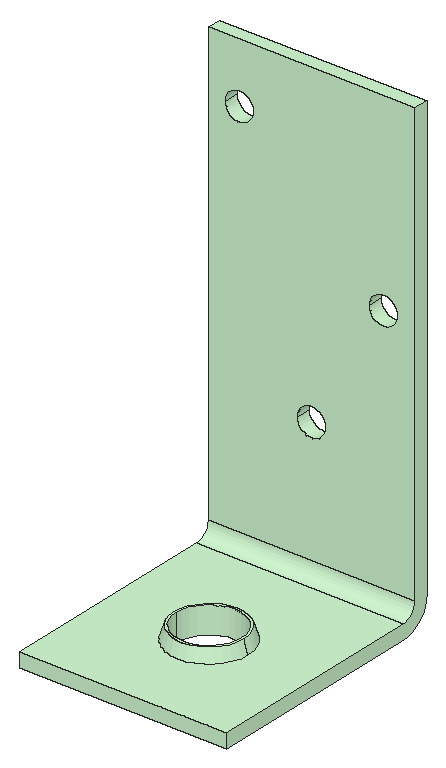
Revit family "lghook_wood", category 機械設備, Revit 2022
Family settings
  丸型コネクタ寸法 = 直径を使用
  種別 = なし
  パーツ タイプ = 標準
  作業面ベース = いいえ
  常に垂直 = はい
  ロード時にボイドで切り取り = いいえ
  注釈の向きを維持 = いいえ
  共有 = いいえ
  部屋計算ポイント = いいえ
Parameters
  製造元 = "株式会社桐井製作所"
  既定の高さ = 0 mm
  URL = "https://www.kirii.co.jp/"
  K_品名 = "LGフック(木用)"
  K_名称 = "吊元金具"
  K_入数 = "400"
  K_バージョン情報 = "20211012"
Reference planes
  plane 1 "中心(正面/背面)": y = 0
  plane 2: z = 0
  plane 3 "中心(左/右)": x = 0
Forms (mm)
  Extrusion 1, solid
    sketch origin (0, 0, 0.091) x (0, 1, 0) y (0, 0, 1)
      loop
        line (-2, 65.909) -> (-2, 3.909)
        arc (-2, 3.909) -> (-2.586, 2.495) -> (-4, 1.909) r 2
        line (-4, 1.909) -> (-35, 1.909) -> (-35, -0.091) -> (-4, -0.091)
        arc (-4, -0.091) -> (-1.172, 1.081) -> (0, 3.909) r 4
        line (0, 3.909) -> (0, 65.909) -> (-2, 65.909)
    from -14.5 to 14.5
  Extrusion 2, void
    sketch origin (0.013, -4.24, 0) x (1, 0, 0) y (0, 1, 0)
      loop
        circle (-0.013, -15.76) r 4.6
    from 0 to 3.8
  Blend 3, solid
    base sketch origin (0, 0, 0) x (1, 0, 0) y (0, 1, 0)
      loop
        circle (0, -20) r 5.5
    top sketch origin (0, 0, 0) x (1, 0, 0) y (0, 1, 0)
      loop
        circle (0, -20) r 4.9
    from 2 to 3.8
  Extrusion 4, void
    sketch origin (0, 0, 0) x (1, 0, 0) y (0, 0, 1)
      loop
        circle (-10.1, 57.6) r 2
      loop
        circle (10.1, 39) r 2
      loop
        circle (0, 21.46) r 2
    from 0 to 2
Cuts and joins
  Extrusion 2, Extrusion 4 cuts Extrusion 1
  Extrusion 2 cuts Blend 3
  joined: Extrusion 1, Blend 3
Dimensions and locks
  aligned and locked: level to plane 2
